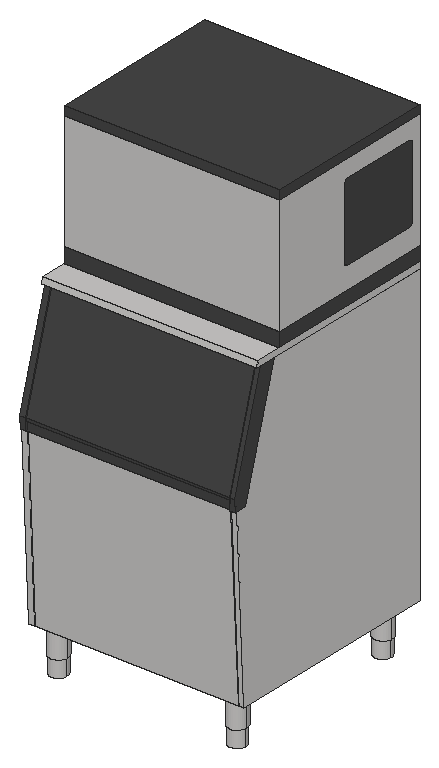
Revit family "QF_ELECTROLUXPROFESSIONAL_730296_IHD220M230SNP", category Specialty Equipment, Revit 2023
Family settings
  Round Connector Dimension = Use Diameter
  Part Type = Normal
  Work Plane-Based = No
  Enable Cutting in Views = No
  Always vertical = Yes
  Cut with Voids When Loaded = No
  Maintain Annotation Orientation = No
  Shared = No
  Room Calculation Point = No
Parameters (values of type "Standard")
  Weight = 85.00 kg
  Watts = 1600 W
  Volts = 220 V
  URL Manufacturer = "https://www.electroluxprofessional.com/"
  URL = "https://www.electroluxprofessional.com/"
  Steam Supply Size = 0 mm
  Steam Supply Minimum Pressure = 0.0 Pa
  Steam Supply Maximum Pressure = 0.0 Pa
  Steam Pounds per Hour = 0
  Show Logo [instance] = yes
  Show Clearance [instance] = yes
  Refrigeration Suction Line Size = 0 mm
  Refrigeration Liquid Line Size = 0 mm
  Refrigerant Compressor Remote = yes
  Manufacturer = "Electrolux Professional"
  Phase = 1
  Model = "IHD220M230SNP"
  Length Actual = 762 mm  # constant formula
  Item Number = "730296"
  Hot Water Size = 0 mm
  Height Actual = 1676 mm  # constant formula
  HP = "2.1 HP"
  Gas Size = 0 mm
  Gas KW = 0
  Gas Input Pressure = 0 W
  Description = "WATER COOLED HALF DICE ICE 220KG/24H-BIN 230KG MODULAR"
  Depth Actual = 819 mm  # constant formula
  Default Elevation = 0 mm
  Cycle = 50 Hz
  Condensate Return Size = 0 mm
  Compressed Air Volume = 0.0 L/s
  Compressed Air Size = 0 mm
  Compressed Air Pressure = 0.0 Pa
  Cold Water Size = 19.05 mm
  Accessory = yes
Reference planes
  plane 1 "Center X": y = 237.851
  plane 2: z = 0
  plane 3 "Center Y": x = -378
  plane 4 "LEFT": x = -759
  plane 5 "BACK": y = 647.351
  plane 6 "RIGHT": x = 3
  plane 7 "FRONT": y = -171.649
  plane 8 "TOP": z = 1231
  plane 9: x = -739
  plane 10: x = -17
  plane 11: z = 155
  plane 12: z = 1211
  plane 13: z = 1131
  plane 14: y = -171.649
  plane 15: x = 3
  plane 16: x = -759
  plane 17: z = 1731
  plane 18: z = 1363.566
  plane 19 "2": y = 667.351
  plane 20 "3": y = 27.351
Forms (mm)
  Extrusion 1, solid, material "QF_Finishes_Stainless Steel"
    sketch origin (-238.119, 667.851, 1599.653) x (0, 0, -1) y (-1, 0, 0)
      loop
        circle (302.153, -206.619) r 10
    from -20.5 to -0.5
  Extrusion 2, solid, material "QF_Finishes_Stainless Steel"
    sketch origin (3, 0, 0) x (0, 1, 0) y (0, 0, 1)
      loop
        line (-70.746, 1231) -> (-75.305, 1211) -> (647.351, 1211) -> (647.351, 1231) -> (-70.746, 1231)
    from -762 to 0
  Extrusion 3, solid, material "QF_Finishes_Stainless Steel"
    sketch origin (3, 0, -220) x (0, 1, 0) y (0, 0, 1)
      loop
        line (2.761, 1431) -> (-125.203, 1012.449) -> (-163.117, 1012.449) -> (-130.122, 375) -> (647.351, 375) -> (647.351, 1431) -> (2.761, 1431)
    from -742 to -20
  Extrusion 4, solid, material "QF_Finishes_Black"
    sketch origin (3, -38.052, -220) x (0, 1, 0) y (0, 0, 1)
      loop
        line (-131.963, 1053.167) -> (-131.595, 1046.139) -> (-129.537, 1046.139) -> (-127.771, 1012.449) -> (-87.151, 1012.449) -> (40.813, 1431) -> (-16.448, 1431) -> (-131.963, 1053.167)
    from -742 to -20
  Extrusion 5, solid, material "QF_Finishes_Black"
    sketch origin (3, -38.052, -220) x (0, 1, 0) y (0, 0, 1)
      loop
        line (-131.963, 1053.167) -> (-129.829, 1012.449) -> (-87.151, 1012.449) -> (40.813, 1431) -> (-16.448, 1431) -> (-131.963, 1053.167)
    from -762 to -742
  Extrusion 6, solid, material "QF_Finishes_Black"
    sketch origin (3, -38.052, -220) x (0, 1, 0) y (0, 0, 1)
      loop
        line (-131.963, 1053.167) -> (-129.829, 1012.449) -> (-87.151, 1012.449) -> (40.813, 1431) -> (-16.448, 1431) -> (-131.963, 1053.167)
    from -20 to 0
  Extrusion 7, solid, material "QF_Finishes_Stainless Steel"
    sketch origin (3, 0, -220) x (0, 1, 0) y (0, 0, 1)
      loop
        line (2.761, 1431) -> (-125.203, 1012.449) -> (-163.117, 1012.449) -> (-130.122, 375) -> (647.351, 375) -> (647.351, 1431) -> (2.761, 1431)
    from -20 to 0
  Extrusion 8, solid, material "QF_Finishes_Stainless Steel"
    sketch origin (3, 0, -220) x (0, 1, 0) y (0, 0, 1)
      loop
        line (2.761, 1431) -> (-125.203, 1012.449) -> (-163.117, 1012.449) -> (-130.122, 375) -> (647.351, 375) -> (647.351, 1431) -> (2.761, 1431)
    from -762 to -742
  Extrusion 9, solid, material "QF_Finishes_Stainless Steel"
    sketch origin (3, 0, 440) x (0, 1, 0) y (0, 0, 1)
      loop
        line (27.351, 1260.349) -> (27.351, 842.501) -> (647.351, 842.501) -> (647.351, 1260.349) -> (27.351, 1260.349)
    from -762 to 0
  Extrusion 10, solid, material "QF_Finishes_Black"
    sketch origin (3, 0, 395) x (0, 1, 0) y (0, 0, 1)
      loop
        line (27.351, 887.501) -> (27.351, 836) -> (647.351, 836) -> (647.351, 887.501) -> (27.351, 887.501)
    from -762 to 0
  Extrusion 11, solid, material "QF_Finishes_Black"
    sketch origin (3, 0, 1015) x (0, 1, 0) y (0, 0, 1)
      loop
        line (27.351, 716) -> (27.351, 685.349) -> (647.351, 685.349) -> (647.351, 716) -> (27.351, 716)
    from -762 to 0
  Extrusion 12, solid, material "QF_Finishes_Stainless Steel"
    sketch origin (-1202.264, 667.851, 1627.261) x (0, 0, -1) y (-1, 0, 0)
      loop
        circle (302.153, -468.619) r 12.5
    from -20.5 to -0.5
  Extrusion 13, solid, material "QF_Finishes_Stainless Steel"
    sketch origin (-1199.841, 667.851, 1316.063) x (0, 0, -1) y (-1, 0, 0)
      loop
        circle (-158.388, -468.619) r 10
    from -20.5 to -0.5
  Extrusion 14, solid
    sketch origin (1774.352, 532.849, 0) x (1, 0, 0) y (0, 1, 0)
      loop
        circle (-2152.352, -35.499) r 10
    from 91.501 to 155
  Extrusion 15, solid, material "QF_Finishes_Black"
    sketch origin (-668.378, 757.228, 75) x (1, 0, 0) y (0, 0, -1)
      loop
        arc (275.378, -1625.349) -> (285.984, -1620.956) -> (290.378, -1610.349) r 15
        line (290.378, -1610.349) -> (290.378, -1222.501)
        arc (290.378, -1222.501) -> (285.984, -1211.894) -> (275.378, -1207.501) r 15
        line (275.378, -1207.501) -> (-25.622, -1207.501)
        arc (-25.622, -1207.501) -> (-36.229, -1211.894) -> (-40.622, -1222.501) r 15
        line (-40.622, -1222.501) -> (-40.622, -1610.349)
        arc (-40.622, -1610.349) -> (-36.229, -1620.956) -> (-25.622, -1625.349) r 15
        line (-25.622, -1625.349) -> (275.378, -1625.349)
    from -109.877 to -107.877
  Extrusion 16, solid, material "QF_Finishes_Black"
    sketch origin (-759, 55.351, 75) x (0, 1, 0) y (0, 0, -1)
      loop
        arc (542, -1563.566) -> (552.607, -1559.172) -> (557, -1548.566) r 15
        line (557, -1548.566) -> (557, -1303.566)
        arc (557, -1303.566) -> (552.607, -1292.959) -> (542, -1288.566) r 15
        line (542, -1288.566) -> (272, -1288.566)
        arc (272, -1288.566) -> (261.393, -1292.959) -> (257, -1303.566) r 15
        line (257, -1303.566) -> (257, -1548.566)
        arc (257, -1548.566) -> (261.393, -1559.172) -> (272, -1563.566) r 15
        line (272, -1563.566) -> (542, -1563.566)
    from 0 to 2
  Extrusion 17, solid, material "QF_Finishes_Black"
    sketch origin (3, 55.351, 75) x (0, 1, 0) y (0, 0, 1)
      loop
        line (542, 1563.566) -> (272, 1563.566)
        arc (272, 1563.566) -> (261.393, 1559.172) -> (257, 1548.566) r 15
        line (257, 1548.566) -> (257, 1303.566)
        arc (257, 1303.566) -> (261.393, 1292.959) -> (272, 1288.566) r 15
        line (272, 1288.566) -> (542, 1288.566)
        arc (542, 1288.566) -> (552.607, 1292.959) -> (557, 1303.566) r 15
        line (557, 1303.566) -> (557, 1548.566)
        arc (557, 1548.566) -> (552.607, 1559.172) -> (542, 1563.566) r 15
    from 0 to 2
Lines and regions (mm)
  symbolic lines
    curve 1: line (-759, 647.351, 0) -> (3, 647.351, 0)
    curve 2: line (-759, -171.649, 0) -> (-759, 647.351, 0)
    curve 3: line (3, -171.649, 0) -> (-759, -171.649, 0)
    curve 4: line (3, 647.351, 0) -> (3, -171.649, 0)
    curve 5: line (-759, 647.351, 100) -> (3, 647.351, 100)
    curve 6: line (-759, -171.649, 100) -> (-759, 647.351, 100)
    curve 7: line (3, 647.351, 100) -> (3, -171.649, 100)
    curve 8: line (-759, -171.649, 100) -> (3, -171.649, 100)
    curve 9: line (-759, 27.351, 100) -> (3, 27.351, 100)
    curve 10: line (-759, -75.305, 100) -> (3, -75.305, 100)
Dimensions and locks
  equal spacing: plane 4 "LEFT", plane 3 "Center Y", plane 6 "RIGHT"
  "Length Actual": plane 4 "LEFT" to plane 6 "RIGHT"
  "Depth Actual": plane 5 "BACK" to plane 7 "FRONT"
  equal spacing: plane 5 "BACK", plane 1 "Center X", plane 7 "FRONT"
  plane 8 "TOP" to plane 2 = 1231 mm
  locked: plane 4 "LEFT" to plane 9 at 20
  locked: plane 10 to plane 6 "RIGHT" at 20
  plane 11 to plane 2 = 155 mm
  locked: plane 8 "TOP" to plane 12 at 20
  locked: plane 12 to plane 13 at 80
  plane 7 "FRONT" to plane 14 = 0 mm
  plane 7 "FRONT" to plane 5 "BACK" = 819 mm
  plane 14 to plane 19 "2" = 839 mm
  plane 11 to Extrusion 7 = 1056 mm
  plane 15 to plane 3 "Center Y" to plane 16 = 381 mm, 381 mm
  equal spacing: plane 16, plane 3 "Center Y", plane 15
  plane 15 to plane 16 = 762 mm
  plane 17 to level = 1731 mm
  plane 8 "TOP" to level = 1231 mm
  plane 17 to plane 8 "TOP" = 500 mm
  Extrusion 9 to plane 5 "BACK" = 620 mm
  plane 20 "3" to plane 5 "BACK" = 620 mm
  nested 4 to plane 3 "Center Y" to nested 1 = 317 mm, 316.899 mm
  aligned and locked: level to plane 2
  aligned and locked: plane 15 to Extrusion 9
  aligned and locked: plane 15 to Extrusion 10
  aligned and locked: Extrusion 11 to plane 16
  aligned and locked: Extrusion 9 to plane 16
  aligned and locked: Extrusion 10 to plane 16
  aligned and locked: plane 5 "BACK" to Extrusion 11
  aligned and locked: plane 5 "BACK" to Extrusion 9
  aligned and locked: Extrusion 9 to plane 20 "3"
Automatic sketch dimensions
  Extrusion 1 sketch curve to plane 10 = 14.5 mm
  plane 18 to Extrusion 1 sketch curve = 66.066 mm
  plane 9 to Extrusion 12 sketch curve = 5.355 mm
  plane 18 to Extrusion 12 sketch curve = 38.458 mm
  plane 9 to Extrusion 13 sketch curve = 7.778 mm
  Extrusion 13 sketch curve to plane 18 = 110.886 mm
  Extrusion 15 sketch curve to plane 3 "Center Y" = 0 mm
  Extrusion 15 sketch curve to Extrusion 15 sketch curve = 15 mm  (x2)
  Extrusion 15 sketch curve to plane 3 "Center Y" = 15 mm
  plane 9 to Extrusion 15 sketch curve = 45 mm  (x2)
  Extrusion 15 sketch curve to plane 17 = 30.651 mm
  plane 18 to Extrusion 15 sketch curve = 66.065 mm
  curve 3 to plane 4 "LEFT" = 0 mm
  curve 3 to plane 6 "RIGHT" = 0 mm
  curve 3 to plane 7 "FRONT" = 0 mm
  curve 2 to plane 5 "BACK" = 0 mm
  Extrusion 2 sketch curve to plane 12 = 0 mm
  Extrusion 2 sketch curve to plane 8 "TOP" = 0 mm
  Extrusion 2 sketch curve to plane 5 "BACK" = 0 mm
  Extrusion 2 sketch curve to plane 20 "3" = 98.097 mm
  Extrusion 2 sketch curve to Extrusion 2 sketch curve = 4.56 mm
  Extrusion 3 sketch curve to plane 11 = 0 mm
  Extrusion 3 sketch curve to plane 12 = 0 mm
  Extrusion 3 sketch curve to plane 5 "BACK" = 0 mm
  Extrusion 3 sketch curve to plane 20 "3" = 24.59 mm
  plane 7 "FRONT" to Extrusion 3 sketch curve = 46.446 mm
  plane 7 "FRONT" to Extrusion 3 sketch curve = 41.528 mm
  plane 7 "FRONT" to Extrusion 3 sketch curve = 8.532 mm
  Extrusion 3 sketch curve to plane 13 = 338.551 mm
  Extrusion 4 sketch curve to plane 12 = 0 mm
  plane 7 "FRONT" to Extrusion 4 sketch curve = 1.634 mm
  plane 7 "FRONT" to Extrusion 4 sketch curve = 2.003 mm
  Extrusion 4 sketch curve to Extrusion 4 sketch curve = 2.058 mm
  plane 7 "FRONT" to Extrusion 4 sketch curve = 5.827 mm
  Extrusion 4 sketch curve to Extrusion 4 sketch curve = 40.62 mm
  Extrusion 4 sketch curve to plane 20 "3" = 81.851 mm
  Extrusion 4 sketch curve to plane 20 "3" = 24.59 mm
  Extrusion 4 sketch curve to plane 13 = 297.833 mm
  Extrusion 4 sketch curve to Extrusion 4 sketch curve = 7.027 mm
  Extrusion 4 sketch curve to Extrusion 4 sketch curve = 33.691 mm
  Extrusion 5 sketch curve to plane 12 = 0 mm
  plane 7 "FRONT" to Extrusion 5 sketch curve = 1.634 mm
  plane 7 "FRONT" to Extrusion 5 sketch curve = 3.768 mm
  Extrusion 5 sketch curve to Extrusion 5 sketch curve = 42.678 mm
  Extrusion 5 sketch curve to plane 20 "3" = 81.851 mm
  Extrusion 5 sketch curve to plane 20 "3" = 24.59 mm
  Extrusion 5 sketch curve to plane 13 = 297.833 mm
  Extrusion 5 sketch curve to Extrusion 5 sketch curve = 40.718 mm
  Extrusion 6 sketch curve to plane 12 = 0 mm
  plane 7 "FRONT" to Extrusion 6 sketch curve = 1.634 mm
  plane 7 "FRONT" to Extrusion 6 sketch curve = 3.768 mm
  Extrusion 6 sketch curve to Extrusion 6 sketch curve = 42.678 mm
  Extrusion 6 sketch curve to plane 20 "3" = 81.851 mm
  Extrusion 6 sketch curve to plane 20 "3" = 24.59 mm
  Extrusion 6 sketch curve to plane 13 = 297.833 mm
  Extrusion 6 sketch curve to Extrusion 6 sketch curve = 40.718 mm
  Extrusion 7 sketch curve to plane 11 = 0 mm
  Extrusion 7 sketch curve to plane 12 = 0 mm
  Extrusion 7 sketch curve to plane 5 "BACK" = 0 mm
  Extrusion 7 sketch curve to plane 20 "3" = 24.59 mm
  plane 7 "FRONT" to Extrusion 7 sketch curve = 46.446 mm
  plane 7 "FRONT" to Extrusion 7 sketch curve = 41.528 mm
  plane 7 "FRONT" to Extrusion 7 sketch curve = 8.532 mm
  Extrusion 7 sketch curve to plane 13 = 338.551 mm
  Extrusion 8 sketch curve to plane 11 = 0 mm
  Extrusion 8 sketch curve to plane 12 = 0 mm
  Extrusion 8 sketch curve to plane 5 "BACK" = 0 mm
  Extrusion 8 sketch curve to plane 20 "3" = 24.59 mm
  plane 7 "FRONT" to Extrusion 8 sketch curve = 46.446 mm
  plane 7 "FRONT" to Extrusion 8 sketch curve = 41.528 mm
  plane 7 "FRONT" to Extrusion 8 sketch curve = 8.532 mm
  Extrusion 8 sketch curve to plane 13 = 338.551 mm
  Extrusion 9 sketch curve to plane 20 "3" = 0 mm
  Extrusion 9 sketch curve to plane 5 "BACK" = 0 mm
  plane 8 "TOP" to Extrusion 9 sketch curve = 51.501 mm
  Extrusion 9 sketch curve to plane 17 = 30.651 mm
  Extrusion 10 sketch curve to plane 8 "TOP" = 0 mm
  Extrusion 10 sketch curve to plane 20 "3" = 0 mm
  Extrusion 10 sketch curve to plane 5 "BACK" = 0 mm
  plane 8 "TOP" to Extrusion 10 sketch curve = 51.501 mm
  Extrusion 11 sketch curve to plane 20 "3" = 0 mm
  Extrusion 11 sketch curve to plane 5 "BACK" = 0 mm
  Extrusion 11 sketch curve to plane 17 = 0 mm
  Extrusion 11 sketch curve to plane 17 = 30.651 mm
  Extrusion 14 sketch curve to plane 3 "Center Y" = 0 mm
  Extrusion 14 sketch curve to plane 5 "BACK" = 150 mm
  plane 18 to Extrusion 16 sketch curve = 0 mm
  Extrusion 16 sketch curve to plane 18 = 15 mm
  Extrusion 16 sketch curve to plane 1 "Center X" = 74.5 mm
  Extrusion 16 sketch curve to Extrusion 16 sketch curve = 15 mm  (x2)
  Extrusion 16 sketch curve to plane 5 "BACK" = 50 mm  (x2)
  Extrusion 16 sketch curve to plane 17 = 107.434 mm
  plane 18 to Extrusion 17 sketch curve = 0 mm
  Extrusion 17 sketch curve to plane 18 = 15 mm
  Extrusion 17 sketch curve to plane 1 "Center X" = 74.5 mm
  Extrusion 17 sketch curve to Extrusion 17 sketch curve = 15 mm  (x2)
  Extrusion 17 sketch curve to plane 5 "BACK" = 50 mm  (x2)
  Extrusion 17 sketch curve to plane 17 = 107.434 mm
  plane 5 "BACK" to curve 5 = 0 mm
  plane 7 "FRONT" to curve 8 = 0 mm
  plane 20 "3" to curve 9 = 0 mm
  plane 6 "RIGHT" to curve 5 = 0 mm
  curve 7 to curve 6 = 762 mm
  curve 10 to curve 7 = 96.344 mm
  radius of Extrusion 1 sketch curve = 10 mm
  radius of Extrusion 12 sketch curve = 12.5 mm
  radius of Extrusion 13 sketch curve = 10 mm
  radius of Extrusion 14 sketch curve = 10 mm
Nested families
  nested 1: "Foot_Complete" at (-694.899, -79.392, 0), type "Foot_Complete"
  nested 2: "Foot_Complete" at (-694.899, 564.718, 0), type "Foot_Complete"
  nested 3: "Foot_Complete" at (-61, 564.718, 0), type "Foot_Complete"
  nested 4: "Foot_Complete" at (-61, -79.392, 0), type "Foot_Complete"
Connectors
  electrical at (-31.5, 667.351, 1297.5), driven by "Volts"
    settings: on Extrusion 1, index 1, voltage 220 V, apparent load 0 VA, apparent load phase1 0 VA, apparent load phase2 0 VA, apparent load phase3 0 VA, power factor 1, load classification "Altro", number of poles 1, system type 30, power factor state 1, is connector primary yes, connector utility no, sub classification motor no, connector description "Electrical Connection"
  piping at (-733.645, 667.351, 1325.107), diameter 25
    settings: on Extrusion 12, index 6, connector inside diameter 609.6 mm, connector length 0 mm, flow factor 0, pipe flow 0.0 L/s, pressure drop 0.0 Pa, fitting loss kfactor 0, connector angle 0.00°, fixture units 0, engagement length 0 mm, angle of deflection 0.00°, flow configuration 0, flow direction 2, fitting loss method 0, system type 16, joint type 0, gender type 0, connector reference index -1, connector utility 0, adjustable connector no, is connector primary yes, connector description "Drain"
  piping at (-731.222, 667.351, 1474.451), diameter 20
    settings: on Extrusion 13, index 7, connector inside diameter 609.6 mm, connector length 0 mm, flow factor 0, pipe flow 0.0 L/s, pressure drop 0.0 Pa, fitting loss kfactor 0, connector angle 0.00°, fixture units 0, engagement length 0 mm, angle of deflection 0.00°, flow configuration 0, flow direction 1, fitting loss method 0, system type 20, joint type 0, gender type 0, connector reference index -1, connector utility 0, adjustable connector no, is connector primary no, connector description "Water Inlet"
  piping at (-378, 497.351, 91.501), diameter 20
    settings: on Extrusion 14, index 8, connector inside diameter 609.6 mm, connector length 0 mm, flow factor 0, pipe flow 0.0 L/s, pressure drop 0.0 Pa, fitting loss kfactor 0, connector angle 0.00°, fixture units 0, engagement length 0 mm, angle of deflection 0.00°, flow configuration 0, flow direction 2, fitting loss method 0, system type 16, joint type 0, gender type 0, connector reference index -1, connector utility 0, adjustable connector no, is connector primary no, connector description "Drain"
Definition of nested family "Foot_Complete"
  Parameters (values of type "Foot_Complete")
    R = 33 mm
    H = 155 mm
    Default Elevation = 0 mm
  Reference planes
    plane 1 "Centro (Fronte/Retro)": y = 0
    plane 2: z = 0
    plane 3 "Centro (Sinistra/Destra)": x = 0
    plane 4: z = 155
  Forms (mm)
    Revolve 1, solid
      sketch origin (255.05, 0, 608.09) x (0, 0, 1) y (-1, 0, 0)
        loop
          line (-608.09, 252.05) -> (-608.09, 225.05) -> (-548.09, 225.05) -> (-548.09, 222.05) -> (-453.09, 222.05) -> (-453.09, 252.05) -> (-608.09, 252.05)
        axis (-608.09, 255.05) -> (-453.09, 255.05)
      angle from 0 to 360
  Dimensions and locks
    level to Revolve 1 sketch curve = 60 mm
    "R": Revolve 1 sketch curve to plane 3 "Centro (Sinistra/Destra)"
    "H": plane 4 to level
    locked: Revolve 1 sketch curve to Revolve 1 sketch curve at 3
    aligned and locked: level to plane 2
    aligned and locked: plane 4 to Revolve 1 sketch curve
    aligned and locked: Revolve 1 sketch curve to level
  Automatic sketch dimensions
    Revolve 1 sketch curve to plane 3 "Centro (Sinistra/Destra)" = 0 mm
    plane 3 "Centro (Sinistra/Destra)" to Revolve 1 sketch curve = 3 mm
    plane 4 to Revolve 1 sketch curve = 50 mm
    Revolve 1 sketch curve to Revolve 1 sketch curve = 20 mm
